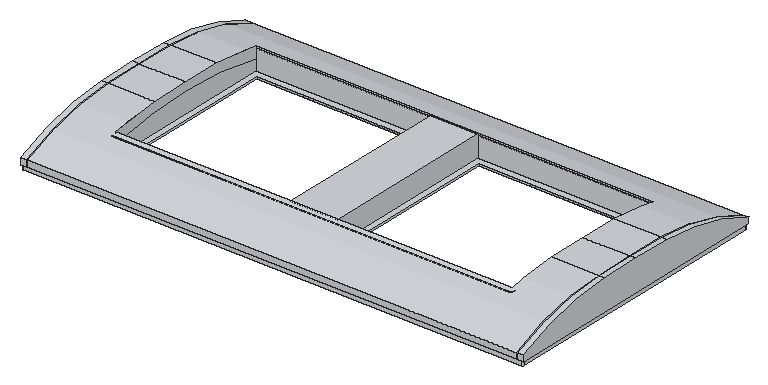
Revit family "Gira_0212768", category Electrical Fixtures, host Face, Revit 2017
Family settings
  Host = Face
  Maintain Annotation Orientation = No
  Round Connector Dimension = Use Diameter
  Part Type = Normal
  Cut with Voids When Loaded = No
  Shared = No
  Room Calculation Point = No
Parameters (values of type "Abdeckrahmen 2f Zwischenr. AN Gira Event Klar Braun")
  Werkstoffgüte = "Thermoplast"
  Werkstoff = "Kunststoff"
  URL = "http://katalog.gira.de/de_DE/datenblatt.html?artikelnr=0212768"
  Transparent = "No"
  Textfeld/Beschriftungsfläche = "No"
  Schutzart (IP) = "IP20"
  Region = "DE"
  Oberfläche = "sonstige"
  Name = "Abdeckrahmen 2f Zwischenr. AN Gira Event Klar Braun"
  Montagerichtung = "horizontal und vertikal"
  Mit Montagerahmen = "No"
  Mit Klappdeckel = "No"
  Manufacturer URL = "https://www.gira.de/"
  Keynote = "Event_Rahmen_2fach"
  HeinzeBIM = "https://bimportal.heinze.de/bim/abdeckrahmen-2f-zwischenr-an-gira-event-klar-braun/c42af1bc9aecc78102586e3d8887c7005445b592"
  Halogenfrei = "Yes"
  HAN = "0212768"
  Geeignet für Unterputz-Installation = "Yes"
  Geeignet für Unterflurkanaldose = "No"
  Geeignet für Geräteeinbaukanal = "No"
  Geeignet für Einbauinstallation = "No"
  GTIN = "4010337069454"
  Farbe = "braun"
  Default Elevation = 1219.2 mm
  Data sheet (1) = "https://katalog.gira.de/de_DE/download.html?artikelnr=0212768"
  Category = "Abdeckrahmen"
  Befestigungsart = "Klemmbefestigung"
  Available = "Yes"
  Ausführung der Oberfläche = "glänzend"
  Anzahl der Einheiten vertikal = "2 "
  Anzahl der Einheiten horizontal = "2 "
  Anzahl der Einheiten = "2 "
Reference planes
  plane 1 "Center (Front/Back)": y = 0
  plane 2: z = 0
  plane 3 "Center (Left/Right)": x = 0
Forms (mm)
  Extrusion 1, solid, detail levels fine
    sketch origin (0, 0, 0.05) x (0, 1, 0) y (0, 0, 1)
      loop
        arc (12.445, 9.683) -> (6.223, 9.833) -> (0, 9.85) r 291.636
        arc (0, 9.85) -> (-6.223, 9.833) -> (-12.445, 9.683) r 291.636
        arc (-12.445, 9.683) -> (-29.14, 7.482) -> (-45, 1.823) r 79.728
        line (-45, 1.823) -> (-45, -0.05) -> (-42.086, -0.05)
        arc (-42.086, -0.05) -> (-21.385, 5.559) -> (0, 7.206) r 114.424
        arc (0, 7.206) -> (21.385, 5.559) -> (42.086, -0.05) r 114.424
        line (42.086, -0.05) -> (45, -0.05) -> (45, 1.823)
        arc (45, 1.823) -> (29.14, 7.482) -> (12.445, 9.683) r 79.728
    from -78.55 to 78.55
  Extrusion 2, void, detail levels fine
    sketch origin (0, 0, 0) x (1, 0, 0) y (0, 1, 0)
      loop
        line (-63.55, -27.937) -> (63.55, -27.937) -> (63.55, 28.063) -> (-63.55, 28.063) -> (-63.55, -27.937)
    from 0.724 to 11
  Extrusion 3, solid, detail levels coarse
    sketch origin (0, 0, 0) x (1, 0, 0) y (0, 1, 0)
      loop
        line (-80.55, 45) -> (-80.55, -45) -> (80.55, -45) -> (80.55, 45) -> (-80.55, 45)
    from -1.5 to 9.9
  Extrusion 4, solid, detail levels medium
    sketch origin (0, 0, 0.05) x (0, 1, 0) y (0, 0, 1)
      loop
        arc (12.445, 9.683) -> (6.223, 9.833) -> (0, 9.85) r 291.636
        arc (0, 9.85) -> (-6.223, 9.833) -> (-12.445, 9.683) r 291.636
        arc (-12.445, 9.683) -> (-29.14, 7.482) -> (-45, 1.823) r 79.728
        line (-45, 1.823) -> (-45, -0.05) -> (45, -0.05) -> (45, 1.823)
        arc (45, 1.823) -> (29.14, 7.482) -> (12.445, 9.683) r 79.728
    from -80.55 to 80.55
  Extrusion 5, solid, detail levels fine
    sketch origin (-35.55, 0, -1.5) x (0, 1, 0) y (0, 0, -1)
      loop
        line (45, -3.373) -> (45, -1.5) -> (-45, -1.5) -> (-45, -3.373)
        arc (-45, -3.373) -> (-29.14, -9.032) -> (-12.445, -11.233) r 79.728
        arc (-12.445, -11.233) -> (-6.223, -11.383) -> (0, -11.4) r 291.636
        arc (0, -11.4) -> (6.223, -11.383) -> (12.445, -11.233) r 291.636
        arc (12.445, -11.233) -> (29.14, -9.032) -> (45, -3.373) r 79.728
    from 43 to 45
  Extrusion 6, solid, detail levels fine
    sketch origin (0, 0, 0) x (1, 0, 0) y (0, 1, 0)
      loop
        line (-61.45, 25.7) -> (-61.45, -25.7) -> (-9.65, -25.7) -> (-9.65, 25.7) -> (-61.45, 25.7)
      loop
        line (61.45, -25.7) -> (61.45, 25.7) -> (9.65, 25.7) -> (9.65, -25.7) -> (61.45, -25.7)
      loop
        line (-64.445, 28.49) -> (-64.445, -28.495)
        spline (-64.445, -28.495) -> (-64.436, -28.625) -> (-64.411, -28.754) -> (-64.369, -28.878) -> (-64.311, -28.995) -> (-64.238, -29.104) -> (-64.152, -29.202) -> (-64.054, -29.288) -> (-63.945, -29.361) -> (-63.828, -29.419) -> (-63.704, -29.461) -> (-63.575, -29.486) -> (-63.445, -29.495)
        line (-63.445, -29.495) -> (63.445, -29.495)
        spline (63.445, -29.495) -> (63.575, -29.486) -> (63.704, -29.461) -> (63.828, -29.419) -> (63.945, -29.361) -> (64.054, -29.288) -> (64.152, -29.202) -> (64.238, -29.104) -> (64.311, -28.995) -> (64.369, -28.878) -> (64.411, -28.754) -> (64.436, -28.625) -> (64.445, -28.495)
        line (64.445, -28.495) -> (64.445, 28.49)
        spline (64.445, 28.49) -> (64.436, 28.62) -> (64.411, 28.748) -> (64.369, 28.872) -> (64.311, 28.99) -> (64.238, 29.098) -> (64.152, 29.197) -> (64.054, 29.283) -> (63.945, 29.356) -> (63.828, 29.413) -> (63.704, 29.456) -> (63.575, 29.481) -> (63.445, 29.49)
        line (63.445, 29.49) -> (-63.445, 29.49)
        spline (-63.445, 29.49) -> (-63.575, 29.481) -> (-63.704, 29.456) -> (-63.828, 29.413) -> (-63.945, 29.356) -> (-64.054, 29.283) -> (-64.152, 29.197) -> (-64.238, 29.098) -> (-64.311, 28.99) -> (-64.369, 28.872) -> (-64.411, 28.748) -> (-64.436, 28.62) -> (-64.445, 28.49)
    from 0.1 to 7.3
  Extrusion 7, solid
    sketch origin (0, 0, 0) x (1, 0, 0) y (0, 1, 0)
      loop
        arc (-80.25, -44.2) -> (-80.104, -44.554) -> (-79.75, -44.7) r 0.5
        line (-79.75, -44.7) -> (79.75, -44.7)
        arc (79.75, -44.7) -> (80.104, -44.554) -> (80.25, -44.2) r 0.5
        line (80.25, -44.2) -> (80.25, 44.2)
        arc (80.25, 44.2) -> (80.104, 44.554) -> (79.75, 44.7) r 0.5
        line (79.75, 44.7) -> (-79.75, 44.7)
        arc (-79.75, 44.7) -> (-80.104, 44.554) -> (-80.25, 44.2) r 0.5
        line (-80.25, 44.2) -> (-80.25, -44.2)
      loop
        line (-78.55, 43) -> (-78.55, -43) -> (78.55, -43) -> (78.55, 43) -> (-78.55, 43)
    from -1.5 to 0.5
  Extrusion 8, solid, detail levels fine
    sketch origin (35.55, 0, -1.5) x (0, 1, 0) y (0, 0, 1)
      loop
        arc (45, 3.373) -> (29.14, 9.032) -> (12.445, 11.233) r 79.728
        arc (12.445, 11.233) -> (6.223, 11.383) -> (0, 11.4) r 291.636
        arc (0, 11.4) -> (-6.223, 11.383) -> (-12.445, 11.233) r 291.636
        arc (-12.445, 11.233) -> (-29.14, 9.032) -> (-45, 3.373) r 79.728
        line (-45, 3.373) -> (-45, 1.5) -> (45, 1.5) -> (45, 3.373)
    from 43 to 45
  Extrusion 9, solid, detail levels medium
    sketch origin (0, 0, 0) x (1, 0, 0) y (0, 1, 0)
      loop
        line (-80.25, -44.7) -> (80.25, -44.7) -> (80.25, 44.7) -> (-80.25, 44.7) -> (-80.25, -44.7)
    from -1.5 to 0.5
  Extrusion 10, solid, detail levels fine
    sketch origin (0, 0, 0) x (1, 0, 0) y (0, 1, 0)
      loop
        line (-7.55, 28.063) -> (-7.55, -27.937) -> (7.55, -27.937) -> (7.55, 28.063) -> (-7.55, 28.063)
    from 0.724 to 7.566
Cuts and joins
  Extrusion 2 cuts Extrusion 1
  Extrusion 2 cuts Extrusion 6
Dimensions and locks
  aligned and locked: plane 2 to host face
  aligned and locked: level to host face
